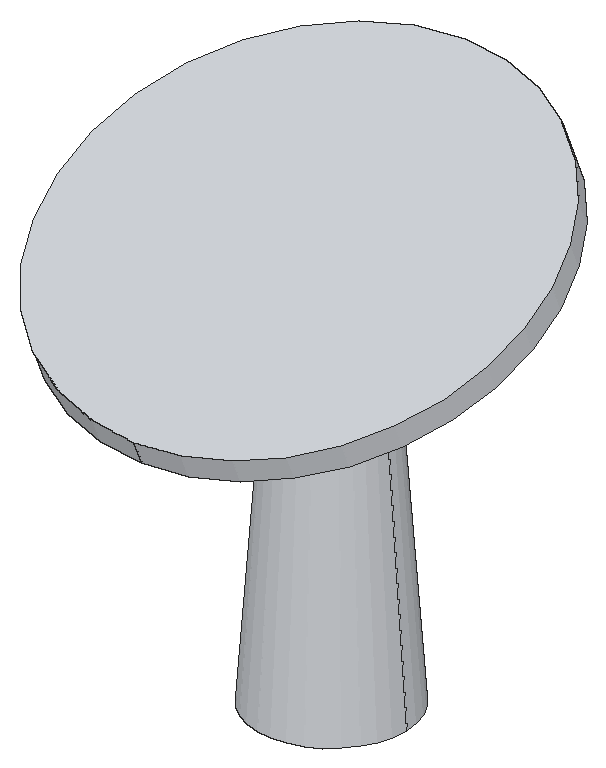
Revit family "sundial", category Generic Models, host Floor, Revit 2018
Family settings
  Host = Floor
  Can host rebar = No
  Round Connector Dimension = Use Diameter
  Part Type = Normal
  Always vertical = Yes
  Cut with Voids When Loaded = No
  Shared = No
  Room Calculation Point = No
Parameters (values of type "dial thickness")
  dial top = 2' - 9"
  dial thickness = 0' - 3"
  dial front = 3' - 0"
  dial depth = 3' - 0"
  base-radius = 0' - 6"
  base-dia = 0' - 8"
  base width = 1' - 0"
  base thickness = 0' - 4"
  base depth = 1' - 0"
Types (5): name | dial top | base width | base depth
  (no name) | 2' - 9" | 1' - 0" | 1' - 0"
  Sundial 24" base | 3' - 1" | 2' - 0" | 2' - 0"
  Sundial 12" base | 3' - 1" | 1' - 0" | 1' - 0"
  base thickness | 3' - 1" | 2' - 0" | 2' - 0"
  dial thickness | 2' - 9" | 1' - 0" | 1' - 0"
Reference planes (in)
  plane 1 "Center (Front/Back)": y = 0
  plane 2: z = 0
  plane 3 "Center (Left/Right)": x = 0
  plane 4 "Dial bottom": z = 33
  plane 5 "Top of base": z = 27
  plane 6 "base radius": x = 4
  plane 7 "sphere radius": x = 6
  plane 8 "Dial top": z = 35
  plane 9 "Dial radius": x = 18
Forms (in)
  Revolve 1, solid
    sketch origin (0, 0, 0) x (0, 1, 0) y (0, 0, 1)
      loop
        arc (0, 21) -> (6, 27) -> (0, 33) r 6
        line (0, 33) -> (0, 21)
      axis (0, 21) -> (0, 33)
    angle from 0 to 360
  Extrusion 2, solid
    sketch origin (0, -2.39249, 32.50236) x (0, -0.91706, -0.398749) y (1, 0, 0)
      loop
        circle (0, 0) r 18
    from 0 to 2
  Revolve 3, solid, not visible
    sketch origin (0, 0, 0) x (0, 1, 0) y (0, 0, 1)
      loop
        arc (0, 21) -> (6, 27) -> (0, 33) r 6
        line (0, 33) -> (0, 21)
      axis (0, 21) -> (0, 33)
    angle from 0 to 360
  Extrusion 4, solid, not visible
    sketch origin (0, 0, 33) x (0, -1, 0) y (1, 0, 0)
      loop
        circle (0, 0) r 18
    from 0 to 2
  Blend 5, solid
    base sketch origin (0, 0, 0) x (1, 0, 0) y (0, 1, 0)
      loop
        circle (0, 0) r 6
    top sketch origin (0, 0, 0) x (1, 0, 0) y (0, 1, 0)
      loop
        circle (0, 0) r 4
    from 0 to 27
Dimensions and locks (in)
  equal spacing: host sketch curve, plane 1 "Center (Front/Back)", host sketch curve
  equal spacing: host sketch curve, plane 3 "Center (Left/Right)", host sketch curve
  host sketch curve to host sketch curve = 10' - 0"  (x2)
  aligned and locked: level to plane 2
